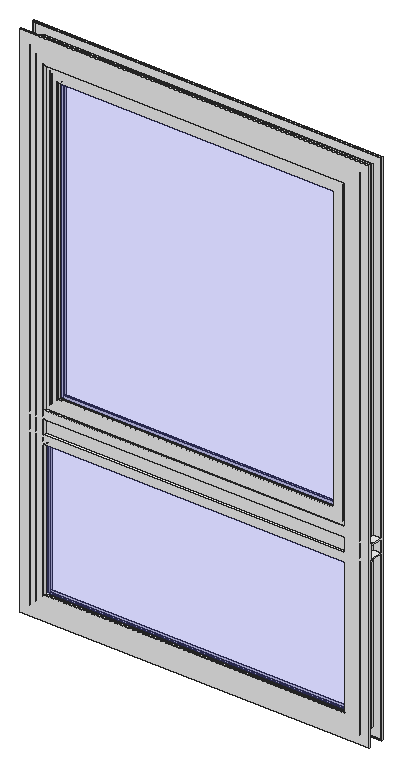
Revit family "WAL_A3-340-Top-Hung-600X900-6T9", category Windows, host Wall, Revit 2016
Family settings
  Host = Wall
  Always vertical = Yes
  Cut with Voids When Loaded = No
  Shared = No
  Room Calculation Point = No
Parameters (values of type "600 x 900 6T9 Top Hung")
  URL = "www.agi.co.za"
  Trim Material = Metal - Aluminium
  Model = "Top Hung"
  Manufacturer Code = "6T9"
  Manufacturer = "AGI Aluminium"
  Height = 900 mm
  Glass Material = Glass
  Frame Material = Metal - Aluminium
  Description = "340 Top-Hung Casement"
  Default Sill Height = 800 mm
  Wall Closure = By host
  Width = 600 mm
  Assembly Code = "B2020110"
Reference planes
  plane 1 "Center": y = 0
  plane 2 "Center (Left/Right)": x = 0
  plane 3 "Left": x = -300
  plane 4 "Right": x = 300
  plane 5 "Sill": z = 800
  plane 6 "Head": z = 1700
  plane 7 "Exterior": y = 75
  plane 8 "Interior": y = -75
  plane 9: z = 1702
  plane 10: x = 302
  plane 11: x = -302
  plane 12: z = 798
  plane 13: z = 1664
  plane 14: z = 813.9
  plane 15: x = 264
  plane 16: x = -264
  plane 17: z = 1100
  plane 18: x = 286.1
  plane 19: x = -286.1
  plane 20: z = 1084
  plane 21: z = 1122
Forms (mm)
  Sweep 1, solid, material "Metal - Aluminium" <- "Frame Material", detail levels medium+fine
    path origin (0, 0, 0) x (1, 0, 0) y (0, 0, 1)
      loop
        line (300, 1700) -> (-300, 1700) -> (-300, 800) -> (300, 800) -> (300, 1700)
    profile "Frame : Frame" origin (0, 0, 1700) x (0, 0, -1) y (0, -1, 0)
      loop
        line (0, -30) -> (28, -30) -> (28, -29) -> (26, -29) -> (26, -1) -> (28, -1) -> (28, -7) -> (29, -7) -> (29, -1) -> (37, -1) -> (37, -3.645) -> (38, -3.645) -> (38, -1) -> (40, -1) -> (40, -3.645) -> (41, -3.645) -> (41, 0) -> (0, 0) -> (0, -2) -> (1, -2) -> (1, -1) -> (15.005, -1) -> (15.005, -4) -> (16.005, -4) -> (16.005, -1) -> (25, -1) -> (25, -29) -> (16.005, -29) -> (16.005, -26) -> (15.005, -26) -> (15.005, -29) -> (1, -29) -> (1, -28) -> (0, -28) -> (0, -30)
  Sweep 2, solid, material "Metal - Aluminium" <- "Frame Material", detail levels medium+fine
    path origin (0, 0, 0) x (1, 0, 0) y (0, 0, 1)
      loop
        line (300, 1100) -> (-300, 1100)
    profile "30 x 50 Center Divide : 30 x 50 Center Divide" origin (0, 0, 1100) x (0, 0, -1) y (0, -1, 0)
      loop
        line (-11, -5) -> (-11, -29) -> (11, -29) -> (11, -5) -> (-11, -5)
      loop
        line (-27.011, 0) -> (-27.011, -3.245) -> (-26.011, -3.245) -> (-26.011, -1) -> (-24.011, -1) -> (-24.011, -3.245) -> (-23.011, -3.245) -> (-23.011, -1) -> (-15.011, -1) -> (-15.011, -6.6) -> (-14.011, -6.6) -> (-14.011, -1) -> (-13.142, -1) -> (-12, -5.263) -> (-12, -29) -> (-14, -29) -> (-14, -30) -> (14, -30) -> (14, -29) -> (12, -29) -> (12, -5.263) -> (13.142, -1) -> (14, -1) -> (14, -7) -> (15, -7) -> (15, -1) -> (23, -1) -> (23, -3.645) -> (24, -3.645) -> (24, -1) -> (26, -1) -> (26, -3.645) -> (27, -3.645) -> (27, 0) -> (12.375, 0) -> (11.303, -4) -> (-11.303, -4) -> (-12.375, 0) -> (-27.011, 0)
  Sweep 3, solid, material "Metal - Aluminium" <- "Trim Material", detail levels medium+fine
    path origin (0, 0, 0) x (1, 0, 0) y (0, 0, 1)
      loop
        line (286.1, 1100) -> (-286.1, 1100) -> (-286.1, 813.9) -> (286.1, 813.9) -> (286.1, 1100)
    profile "Trim : Trim" origin (0, 0, 1100) x (0, 0, -1) y (0, -1, 0)
      loop
        line (24.555, -1.643) -> (24.555, -4.05)
        arc (24.555, -4.05) -> (23.436, -4.753) -> (23, -6) r 2
        line (23, -6) -> (27, -6)
        arc (27, -6) -> (26.552, -4.739) -> (25.41, -4.042) r 2
        line (25.41, -4.042) -> (25.41, -1.643) -> (24.555, -1.643)
      loop
        line (14, -29) -> (29, -14) -> (29, -12.474) -> (26.323, -12.474)
        arc (26.323, -12.474) -> (26.823, -11.797) -> (27, -10.974) r 2
        line (27, -10.974) -> (23, -10.974)
        arc (23, -10.974) -> (23.177, -11.797) -> (23.677, -12.474) r 2
        line (23.677, -12.474) -> (13.467, -12.474) -> (13.467, -4) -> (12.5, -4) -> (12.5, -13.474) -> (20.535, -13.474) -> (24.323, -17.263) -> (12.586, -29) -> (14, -29)
  Sweep 4, solid, material "Metal - Aluminium" <- "Frame Material", detail levels medium+fine
    path origin (0, 0, 0) x (1, 0, 0) y (0, 0, 1)
      loop
        line (302, 1702) -> (-302, 1702) -> (-302, 1084) -> (302, 1084) -> (302, 1702)
    profile "Casement : Casement" origin (0, 0, 1702) x (0, 0, -1) y (0, -1, 0)
      loop
        line (40, -4.645) -> (40, -32.645) -> (49, -32.645) -> (49, -4.645) -> (40, -4.645)
      loop
        line (65, -3.645) -> (37, -3.645) -> (37, -4.645) -> (39, -4.645) -> (39, -32.645) -> (37, -32.645) -> (37, -26.645) -> (36, -26.645) -> (36, -32.645) -> (28, -32.645) -> (28, -30) -> (27, -30) -> (27, -32.645) -> (25, -32.645) -> (25, -30) -> (24, -30) -> (24, -33.645) -> (50, -33.645) -> (50, -4.645) -> (52, -4.645) -> (52, -10.645) -> (53, -10.645) -> (53, -4.645) -> (61, -4.645) -> (61, -7.289) -> (62, -7.289) -> (62, -4.645) -> (64, -4.645) -> (64, -7.289) -> (65, -7.289) -> (65, -3.645)
  Sweep 5, solid, material "Metal - Aluminium" <- "Trim Material", detail levels medium+fine
    path origin (0, 0, 0) x (1, 0, 0) y (0, 0, 1)
      loop
        line (264, 1664) -> (-264, 1664) -> (-264, 1122) -> (264, 1122) -> (264, 1664)
    profile "Trim : Trim" origin (0, 0, 1664) x (0, 0, -1) y (0, -1, 0)
      loop
        line (24.555, -4.643) -> (24.555, -7.05)
        arc (24.555, -7.05) -> (23.436, -7.753) -> (23, -9) r 2
        line (23, -9) -> (27, -9)
        arc (27, -9) -> (26.552, -7.739) -> (25.41, -7.042) r 2
        line (25.41, -7.042) -> (25.41, -4.643) -> (24.555, -4.643)
      loop
        line (14, -32) -> (29, -17) -> (29, -15.474) -> (26.323, -15.474)
        arc (26.323, -15.474) -> (26.823, -14.797) -> (27, -13.974) r 2
        line (27, -13.974) -> (23, -13.974)
        arc (23, -13.974) -> (23.177, -14.797) -> (23.677, -15.474) r 2
        line (23.677, -15.474) -> (13.467, -15.474) -> (13.467, -7) -> (12.5, -7) -> (12.5, -16.474) -> (20.535, -16.474) -> (24.323, -20.263) -> (12.586, -32) -> (14, -32)
  Extrusion 6, solid, material "Glass" <- "Glass Material", detail levels medium+fine
    sketch origin (0, 0, 0) x (1, 0, 0) y (0, 1, 0)
      loop
        line (-263.118, 10.974) -> (-263.118, 6) -> (263.1, 6) -> (263.1, 10.974) -> (-263.118, 10.974)
    from 836.9 to 1077
  Extrusion 7, solid, material "Glass" <- "Glass Material", detail levels medium+fine
    sketch origin (0, 0, 0) x (1, 0, 0) y (0, 1, 0)
      loop
        line (-241.018, 13.974) -> (-241.018, 9) -> (241, 9) -> (241, 13.974) -> (-241.018, 13.974)
    from 1145 to 1641
Cuts and joins
  joined: Sweep 1, Sweep 2
Lines and regions (mm)
  Opening 1
    outline origin (3500, -75, 0) x (1, 0, 0) y (0, 0, 1)
      loop
        line (-3200, 800) -> (-3200, 1700) -> (-3800, 1700) -> (-3800, 800) -> (-3200, 800)
  symbolic lines, style "Elevation Swing"
    curve 1: line (278, 0, 1678) -> (0, 0, 1108)
    curve 2: line (-278, 0, 1678) -> (0, 0, 1108)
Text (mm)
  text "EXTERIOR" at (-1963.203, 1332.353, 0), in view "Ref. Level"
  text "INTERIOR" at (-1981.466, -818.386, 0), in view "Ref. Level"
  text "Exterior" at (0, 923.751, 2943.296), in view "Right"
  text "Exterior" at (0, 1040.484, 2685.409), in view "Left"
Dimensions and locks
  equal spacing: plane 3 "Left", plane 2 "Center (Left/Right)", plane 4 "Right"
  "Width": plane 3 "Left" to plane 4 "Right"
  "Height": plane 5 "Sill" to plane 6 "Head"
  "Default Sill Height": plane 5 "Sill" to level
  locked: plane 7 "Exterior" to host wall at 0
  locked: plane 8 "Interior" to host wall
  locked: plane 12 to plane 5 "Sill" at 2
  locked: plane 6 "Head" to plane 9 at 2
  locked: plane 4 "Right" to plane 10 at 2
  locked: plane 11 to plane 3 "Left" at 2
  locked: plane 15 to plane 4 "Right" at 36
  locked: plane 3 "Left" to plane 16 at 36
  locked: plane 5 "Sill" to plane 14 at 13.9
  locked: plane 13 to plane 6 "Head" at 36
  locked: plane 5 "Sill" to plane 17 at 300
  locked: plane 18 to plane 4 "Right" at 13.9
  locked: plane 3 "Left" to plane 19 at 13.9
  locked: plane 20 to plane 17 at 16
  locked: plane 17 to plane 21 at 22
  aligned and locked: host wall to Sweep 1 sketch curve
  aligned and locked: Sweep 1 sketch curve to host wall  (x3)
  aligned and locked: plane 3 "Left" to Sweep 2 sketch curve
  aligned and locked: plane 4 "Right" to Sweep 2 sketch curve
  aligned and locked: Sweep 2 sketch curve to plane 17
  aligned and locked: plane 14 to Sweep 3 sketch curve
  aligned and locked: Sweep 3 sketch curve to plane 19
  aligned and locked: plane 18 to Sweep 3 sketch curve
  aligned and locked: Sweep 3 sketch curve to plane 17
  aligned and locked: Sweep 4 sketch curve to plane 11
  aligned and locked: Sweep 4 sketch curve to plane 9
  aligned and locked: plane 10 to Sweep 4 sketch curve
  aligned and locked: plane 20 to Sweep 4 sketch curve
  aligned and locked: Sweep 5 sketch curve to plane 13
  aligned and locked: plane 15 to Sweep 5 sketch curve
  aligned and locked: Sweep 5 sketch curve to plane 16
  aligned and locked: plane 21 to Sweep 5 sketch curve
  aligned and locked: Extrusion 6 sketch curve to Sweep 3  (x3)
  aligned and locked: Sweep 3 to Extrusion 6 sketch curve
  aligned and locked: Extrusion 6 to Sweep 3  (x2)
  aligned and locked: Sweep 5 to Extrusion 7 sketch curve  (x2)
  aligned and locked: Extrusion 7 sketch curve to Sweep 5  (x2)
  aligned and locked: Extrusion 7 to Sweep 5  (x2)
Automatic sketch dimensions
  Opening 1 sketch curve to plane 3 "Left" = 0 mm
  Opening 1 sketch curve to plane 4 "Right" = 0 mm
  Opening 1 sketch curve to plane 5 "Sill" = 0 mm
  Opening 1 sketch curve to plane 6 "Head" = 0 mm
  curve 2 to plane 2 "Center (Left/Right)" = 0 mm
  curve 2 to plane 19 = 8.1 mm
  plane 18 to curve 1 = 8.1 mm
  plane 17 to curve 1 = 8 mm
  plane 13 to curve 2 = 14 mm
  plane 13 to curve 1 = 14 mm
